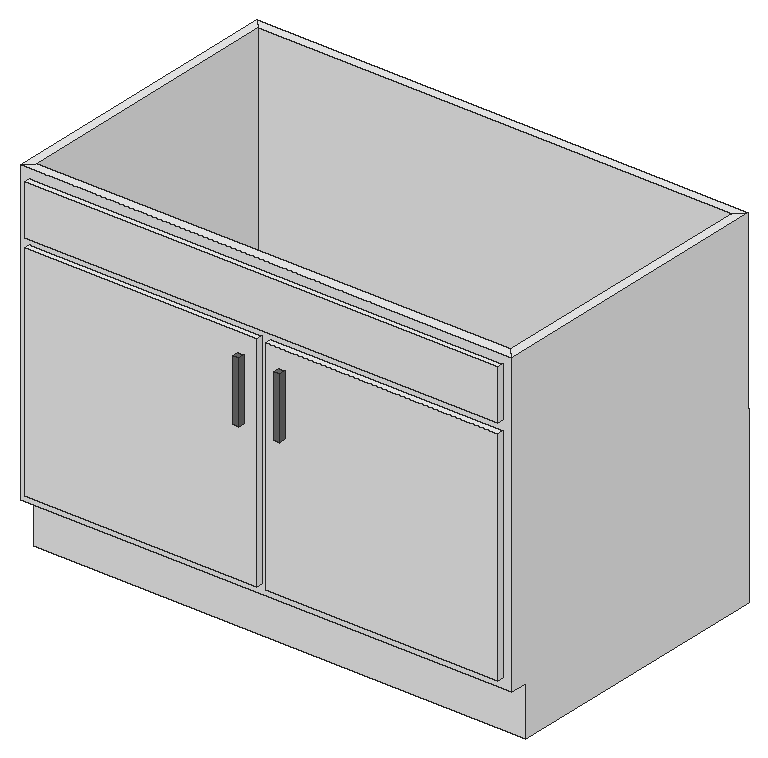
Revit family "M_Armário de banheiro-Unidade de pia com porta dupla", category Componentes de gabinete, Revit 2019
Family settings
  Número OmniClass = 23.40.35.17.47.14
  Título OmniClass = Bathroom Casework
  ID de item do Seek = Vanity Cabinet-Double Door Sink Unit-0000-CAN-ENU
  Com base no plano de trabalho = Não
  Sempre na vertical = Sim
  Corte com vazios quando carregada = Não
  Compartilhado = Não
  Ponto de cálculo do ambiente = Não
Parameters (values of type "1000mm")
  Material do armário = none
  Linear = 600 mm
  Material da porta/gaveta = none
  Material do puxador = Armários - Puxadores
  Altura = 710 mm
  Profundidade da plataforma = 35 mm
  Altura do plinto = 100 mm
  Largura = 1000 mm
Types (4, lengths in mm): name | Largura
  (no name) | 1000
  1000mm | 1000
  900mm | 900
  1200mm | 1200
Reference planes
  plane 1 "Parte posterior": y = 0
  plane 2: z = 0
  plane 3 "Centro": x = 18.738
  plane 4 "Esquerda": x = -481.262
  plane 5 "Direita": x = 518.738
  plane 6 "Parte frontal": y = -600
  plane 7 "Superior": z = 710
  plane 8: y = -565
  plane 9: z = 100
  plane 10: z = 690.95
  plane 11: z = 119.05
  plane 12: x = -462.212
  plane 13: x = 499.688
  plane 14: z = 589.35
  plane 15: z = 570.3
  plane 16: z = 532.2
  plane 17: z = 430.6
  plane 18: x = -16.187
  plane 19: x = -28.887
  plane 20: x = 9.213
  plane 21: x = 28.263
  plane 22: x = 53.663
  plane 23: x = 66.363
  plane 24: z = 344.675
Forms (mm)
  Extrusion 1, solid, material <- "Material do armário"
    sketch origin (0, 0, 0) x (1, 0, 0) y (0, 1, 0)
      loop
        line (-481.262, 0) -> (-481.262, -565) -> (518.738, -565) -> (518.738, 0) -> (-481.262, 0)
    from 0 to 100
  Sweep 2, solid, material <- "Material do armário"
    path origin (0, 0, 0) x (1, 0, 0) y (0, 1, 0)
      loop
        line (518.738, 0) -> (-481.262, 0) -> (-481.262, -600) -> (518.738, -600) -> (518.738, 0)
    profile origin (0, -300, 0) x (1, 0, 0) y (0, 0, 1)
      loop
        line (518.738, 100) -> (518.738, 710) -> (499.688, 710) -> (499.688, 100) -> (518.738, 100)
  Extrusion 3, solid, material <- "Material do armário"
    sketch origin (0, 0, 0) x (1, 0, 0) y (0, 1, 0)
      loop
        line (-462.212, -19.05) -> (-462.212, -580.95) -> (499.688, -580.95) -> (499.688, -19.05) -> (-462.212, -19.05)
    from 119.05 to 100
  Extrusion 4, solid, material <- "Material da porta/gaveta"
    sketch origin (0, -600, 0) x (1, 0, 0) y (0, 0, 1)
      loop
        line (-462.212, 570.3) -> (-462.212, 119.05) -> (9.213, 119.05) -> (9.213, 570.3) -> (-462.212, 570.3)
      loop
        line (28.263, 570.3) -> (28.263, 119.05) -> (499.688, 119.05) -> (499.688, 570.3) -> (28.263, 570.3)
      loop
        line (-462.212, 690.95) -> (-462.212, 589.35) -> (499.688, 589.35) -> (499.688, 690.95) -> (-462.212, 690.95)
    from 0 to 12.7
  Extrusion 5, solid, material "Armários - Puxadores" <- "Material do puxador"
    sketch origin (0, -600, 0) x (1, 0, 0) y (0, 0, 1)
      loop
        line (-28.887, 532.2) -> (-28.887, 407.47) -> (-16.187, 407.47) -> (-16.187, 532.2) -> (-28.887, 532.2)
      loop
        line (53.663, 532.2) -> (53.663, 407.47) -> (66.363, 407.47) -> (66.363, 532.2) -> (53.663, 532.2)
    from 12.7 to 25.4
Cuts and joins
  joined: Extrusion 1, Sweep 2
Lines and regions (mm)
  Masking region 1
    outline origin (0, 0, 0) x (1, 0, 0) y (0, 1, 0)
      loop
        line (-481.262, 0) -> (-481.262, -600) -> (518.738, -600) -> (518.738, 0) -> (-481.262, 0)
  model lines
    curve 1: line (499.688, -600, 589.35) -> (-462.212, -600, 589.35)
    curve 2: line (499.688, -600, 690.95) -> (499.688, -600, 589.35)
    curve 3: line (-462.212, -600, 690.95) -> (499.688, -600, 690.95)
    curve 4: line (-462.212, -600, 589.35) -> (-462.212, -600, 690.95)
    curve 5: line (499.688, -600, 119.05) -> (28.263, -600, 119.05)
    curve 6: line (499.688, -600, 570.3) -> (499.688, -600, 119.05)
    curve 7: line (-462.212, -600, 570.3) -> (9.213, -600, 570.3)
    curve 8: line (-462.212, -600, 119.05) -> (-462.212, -600, 570.3)
    curve 9: line (-28.887, -600, 532.2) -> (-16.187, -600, 532.2)
    curve 10: line (-28.887, -600, 430.6) -> (-28.887, -600, 532.2)
    curve 11: line (-16.187, -600, 430.6) -> (-28.887, -600, 430.6)
    curve 12: line (-16.187, -600, 532.2) -> (-16.187, -600, 430.6)
    curve 13: line (28.263, -600, 119.05) -> (28.263, -600, 570.3)
    curve 14: line (9.213, -600, 119.05) -> (9.213, -600, 570.3)
    curve 15: line (66.363, -600, 532.2) -> (53.663, -600, 532.2)
    curve 16: line (66.363, -600, 430.6) -> (66.363, -600, 532.2)
    curve 17: line (53.663, -600, 430.6) -> (66.363, -600, 430.6)
    curve 18: line (53.663, -600, 532.2) -> (53.663, -600, 430.6)
    curve 19: line (28.263, -600, 570.3) -> (499.688, -600, 570.3)
    curve 20: line (9.213, -600, 119.05) -> (-462.212, -600, 119.05)
  symbolic lines, style "Giro da elevação"
    curve 21: line (9.213, 0, 570.3) -> (-462.212, 0, 344.675)
    curve 22: line (-462.212, 0, 344.675) -> (9.213, 0, 119.05)
    curve 23: line (28.263, 0, 119.05) -> (499.688, 0, 344.675)
    curve 24: line (499.688, 0, 344.675) -> (28.263, 0, 570.3)
Dimensions and locks
  "Linear": plane 6 "Parte frontal" to plane 1 "Parte posterior"
  "Largura": plane 4 "Esquerda" to plane 5 "Direita"
  equal spacing: plane 4 "Esquerda", plane 3 "Centro", plane 5 "Direita"
  "Altura": level to plane 7 "Superior"
  "Altura do plinto": plane 2 to plane 9
  "Profundidade da plataforma": plane 6 "Parte frontal" to plane 8
  locked: plane 4 "Esquerda" to plane 12 at 19.05
  locked: plane 13 to plane 5 "Direita" at 19.05
  locked: plane 7 "Superior" to plane 10 at 19.05
  locked: plane 11 to plane 9 at 19.05
  plane 10 to plane 14 to plane 15 = 101.6 mm locked, 19.05 mm locked
  plane 15 to plane 16 to plane 17 = 38.1 mm locked, 101.6 mm locked
  plane 21 to plane 3 "Centro" to plane 20 = 9.525 mm locked, 9.525 mm locked
  plane 20 to plane 18 to plane 19 = 25.4 mm locked, 12.7 mm locked
  plane 21 to plane 22 to plane 23 = 25.4 mm locked, 12.7 mm locked
  equal spacing: plane 15, plane 24, plane 11
  aligned and locked: plane 1 "Parte posterior" to Extrusion 1 sketch curve
  aligned and locked: Extrusion 1 sketch curve to plane 5 "Direita"
  aligned and locked: Extrusion 1 sketch curve to plane 8
  aligned and locked: plane 4 "Esquerda" to Extrusion 1 sketch curve
  aligned and locked: Extrusion 1 to level
  aligned and locked: Sweep 2 sketch curve to plane 6 "Parte frontal"
  aligned and locked: plane 1 "Parte posterior" to Sweep 2 sketch curve
  aligned and locked: Sweep 2 sketch curve to plane 5 "Direita"  (x2)
  aligned and locked: plane 4 "Esquerda" to Sweep 2 sketch curve
  aligned and locked: plane 7 "Superior" to Sweep 2 sketch curve
  aligned and locked: plane 9 to Sweep 2 sketch curve
  aligned and locked: Sweep 2 to Extrusion 3 sketch curve  (x2)
  aligned and locked: Extrusion 3 sketch curve to Sweep 2  (x2)
  aligned and locked: Extrusion 3 to plane 11
  aligned and locked: Extrusion 3 to plane 9
  aligned and locked: plane 9 to Extrusion 1
  aligned and locked: plane 4 "Esquerda" to Masking region 1 sketch curve
  aligned and locked: plane 1 "Parte posterior" to Masking region 1 sketch curve
  aligned and locked: Masking region 1 sketch curve to plane 5 "Direita"
  aligned and locked: Masking region 1 sketch curve to plane 6 "Parte frontal"
Automatic sketch dimensions
  profile plane to Sweep 2 sketch curve = 19.05 mm
  Extrusion 4 sketch curve to plane 11 = 0 mm  (x2)
  Extrusion 4 sketch curve to plane 12 = 0 mm  (x2)
  Extrusion 4 sketch curve to plane 15 = 0 mm  (x2)
  Extrusion 4 sketch curve to plane 20 = 0 mm
  Extrusion 4 sketch curve to plane 21 = 0 mm
  Extrusion 4 sketch curve to plane 10 = 0 mm
  Extrusion 4 sketch curve to plane 13 = 0 mm  (x2)
  Extrusion 4 sketch curve to plane 14 = 0 mm
  Extrusion 5 sketch curve to plane 19 = 0 mm
  Extrusion 5 sketch curve to plane 18 = 0 mm
  Extrusion 5 sketch curve to plane 16 = 0 mm  (x2)
  Extrusion 5 sketch curve to plane 22 = 0 mm
  Extrusion 5 sketch curve to plane 23 = 0 mm
  plane 17 to Extrusion 5 sketch curve = 23.13 mm  (x2)
  curve 1 to plane 13 = 0 mm
  curve 23 to plane 13 = 0 mm
  curve 19 to plane 13 = 0 mm
  curve 16 to plane 17 = 0 mm
  curve 16 to plane 23 = 0 mm
  curve 17 to plane 22 = 0 mm
  curve 5 to plane 11 = 0 mm
  curve 5 to plane 21 = 0 mm
  curve 23 to plane 11 = 0 mm
  curve 23 to plane 21 = 0 mm
  curve 24 to plane 15 = 0 mm
  curve 24 to plane 21 = 0 mm
  curve 7 to plane 15 = 0 mm
  curve 7 to plane 20 = 0 mm
  curve 22 to plane 11 = 0 mm
  curve 22 to plane 20 = 0 mm
  curve 21 to plane 15 = 0 mm
  curve 21 to plane 20 = 0 mm
  curve 9 to plane 16 = 0 mm
  curve 9 to plane 18 = 0 mm
  curve 11 to plane 17 = 0 mm
  curve 11 to plane 19 = 0 mm
  curve 8 to plane 11 = 0 mm
  curve 8 to plane 12 = 0 mm
  curve 4 to plane 10 = 0 mm
  curve 4 to plane 12 = 0 mm
  curve 21 to plane 12 = 0 mm
  curve 2 to plane 14 = 0 mm
  curve 19 to plane 15 = 0 mm
  curve 15 to plane 16 = 0 mm
  curve 21 to plane 24 = 0 mm
  curve 23 to plane 24 = 0 mm
